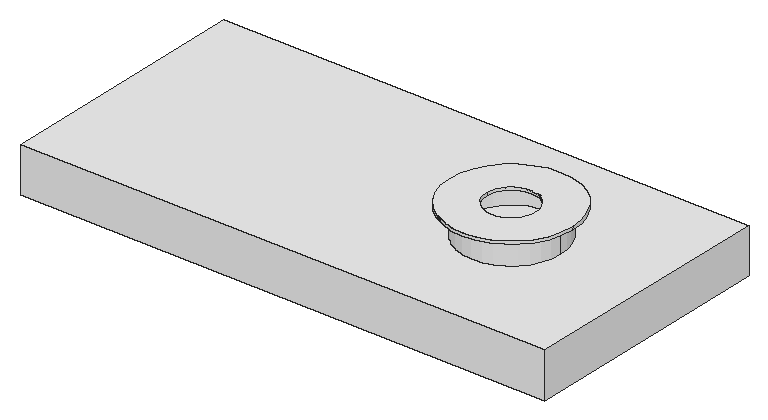
Revit family "Lighting-Recessed-Amerlux-Solace Round Adjustable", category Lighting Fixtures, host Face, Revit 2017
Family settings
  Host = Face
  Round Connector Dimension = Use Diameter
  Part Type = Normal
  Cut with Voids When Loaded = No
  Light Source = Yes
  Shared = No
  Room Calculation Point = No
Parameters (values of type "Pinhole")
  Width = 8"
  Wattage = 9.2903 W
  built-in parameter 1150110 = 1 (stored number, unit not read)
  Voltage = 0 V
  URL = "http://www.amerlux.com/"
  Trim Size = 3 7/8"
  Trim [instance] = yes
  built-in parameter 1114217 = 1 (stored number, unit not read)
  Tilt Angle = -90.00°
  built-in parameter 1150109 = 1 (stored number, unit not read)
  built-in parameter 1150134 = 3
  built-in parameter 1150113 = 1 (stored number, unit not read)
  Power Factor = 1
  Photometric Web File = "Load File"
  Number of Poles = 1
  built-in parameter 1150142 = (empty or 0)
  Model Number = ""
  Model = "SOL-RD"
  Manufacturer = "Amerlux"
  built-in parameter 1150105 = 109.82 (stored number, unit not read)
  Lumens = 1380 lm
  built-in parameter 1150115 = 1 (stored number, unit not read)
  built-in parameter 1150137 = (empty or 0)
  built-in parameter 1150139 = (empty or 0)
  Length = 16 1/2"
  built-in parameter 1150112 = 1 (stored number, unit not read)
  built-in parameter 1150114 = 1 (stored number, unit not read)
  Lamp = "LED"
  built-in parameter 1150132 = (empty or 0)
  built-in parameter 1150102 = (empty or 0)
  built-in parameter 1150107 = 3200 (stored number, unit not read)
  built-in parameter 1150138 = (empty or 0)
  built-in parameter 1150106 = 1.0982 (stored number, unit not read)
  Height = 2 1/4"
  Emit from Circle Diameter = Aperture Size  # 1 9/16"
  Emit Shape Visible in Rendering = no
  built-in parameter 1150104 = 13.8 (stored number, unit not read)
  Dimming Lamp Color Temperature Shift = <None>
  Dimming = ""
  Description = "Shallow Round Adjustable"
  Default Elevation = 48"
  Color Filter = 16777215
  built-in parameter 1114218 = 1 (stored number, unit not read)
  built-in parameter 1150133 = 10 (stored number, unit not read)
  Apparent Load = 0 VA
  Aperture Size = 1 9/16"
Types (3): name | Emit from Circle Diameter | Aperture Size
  (no name) | 1 9/16" | 1 9/16"
  Downlight | 3" | 3"
  Pinhole | 1 9/16" | 1 9/16"
Reference planes (in)
  plane 1 "Center (Front/Back)": y = 0
  plane 2: z = 0
  plane 3 "Center (Left/Right)": x = 0
  plane 4: x = -12.25
  plane 5: x = 4.25
  plane 6: z = -2.25
  plane 7: y = 4
  plane 8: y = -4
Forms (in)
  Extrusion 1, solid, material "Housing"
    sketch origin (0, 0, 0) x (1, 0, 0) y (0, 1, 0)
      loop
        line (-12.25, 4) -> (-12.25, -4) -> (4.25, -4) -> (4.25, 4) -> (-12.25, 4)
    from -2.25 to -0.8255
  Extrusion 2, solid, material "Trim Finish", visible <- "Trim"
    sketch origin (0, 0, 0) x (1, 0, 0) y (0, 1, 0)
      loop
        circle (0, 0) r 1.9375
      loop
        circle (0, 0) r 0.78125
    from 0 to 0.08709
  Extrusion 3, void
    sketch origin (0, 0, 0) x (1, 0, 0) y (0, 1, 0)
      loop
        circle (0, 0) r 0.78125
    from -0.8255 to 0.08709
  Extrusion 4, solid, material "Housing"
    sketch origin (0, 0, 0) x (1, 0, 0) y (0, 1, 0)
      loop
        circle (0, 0) r 1.5
      loop
        circle (0, 0) r 1.55451
    from -0.8255 to 0
Cuts and joins
  Extrusion 3 cuts Extrusion 2
Dimensions and locks (in)
  "Height": plane 6 to host face
  plane 5 to plane 3 "Center (Left/Right)" = 4 1/4"
  equal spacing: plane 7, plane 1 "Center (Front/Back)", plane 8
  "Width": plane 7 to plane 8
  "Length": plane 4 to plane 5
  plane 3 "Center (Left/Right)" to plane 5 = 4 1/4"
  "Trim Size": diameter of Extrusion 2 sketch curve
  "Aperture Size": diameter of Extrusion 3 sketch curve
  "Aperture Size": diameter of Extrusion 2 sketch curve
  aligned and locked: plane 2 to host face
  aligned and locked: level to host face
  aligned and locked: Extrusion 1 to plane 6
  aligned and locked: Extrusion 1 to plane 8
  aligned and locked: plane 7 to Extrusion 1
  aligned and locked: plane 5 to Extrusion 1
  aligned and locked: Extrusion 1 to plane 4
  aligned and locked: Extrusion 4 to Extrusion 1
  aligned and locked: level to Extrusion 4
Automatic sketch dimensions
  host sketch curve to host sketch curve = 54.51167"
  host sketch curve to host sketch curve = 52.40009"
  plane 4 to Extrusion 1 sketch curve = 0"
  Extrusion 1 sketch curve to plane 5 = 0"
  Extrusion 1 sketch curve to plane 8 = 0"
  Extrusion 1 sketch curve to plane 7 = 0"
  Extrusion 4 sketch curve to Extrusion 4 sketch curve = 0"  (x2)
  plane 1 "Center (Front/Back)" to Extrusion 4 sketch curve = 0"
  Extrusion 4 sketch curve to plane 3 "Center (Left/Right)" = 0"
  Extrusion 2 sketch curve to Extrusion 2 sketch curve = 0"  (x2)
  plane 1 "Center (Front/Back)" to Extrusion 2 sketch curve = 0"
  Extrusion 2 sketch curve to plane 3 "Center (Left/Right)" = 0"
  plane 1 "Center (Front/Back)" to Extrusion 3 sketch curve = 0"
  Extrusion 3 sketch curve to plane 3 "Center (Left/Right)" = 0"
  radius of Extrusion 4 sketch curve = 1 1/2"
  radius of Extrusion 4 sketch curve = 1.55451"
Connectors (in)
  electrical at (-4, 0, -2.25), driven by "Number of Poles", driven by "Voltage", driven by "Apparent Load", driven by "Power Factor"
    settings: on Extrusion 1, index 1, voltage 0 V, apparent load 0 VA, apparent load phase1 0 VA, apparent load phase2 0 VA, apparent load phase3 0 VA, power factor 1, load classification "Other", number of poles 1, system type 31, power factor state 1, is connector primary yes, connector utility no, sub classification motor no, connector description "Power"
